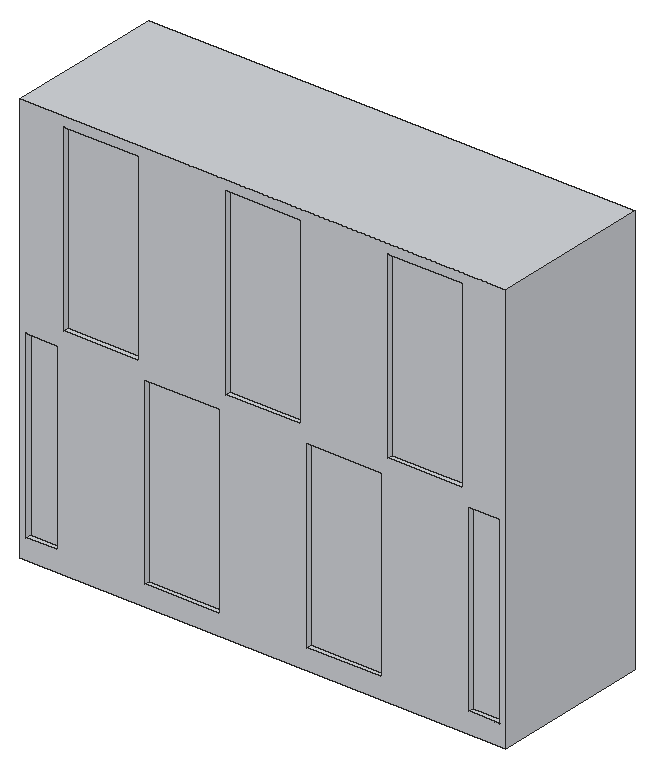
Revit family "SA 8H6W", category Mechanical Equipment, Revit 2019
Family settings
  Round Connector Dimension = Use Diameter
  Part Type = Normal
  OmniClass Number = 23.75.00.00
  OmniClass Title = Climate Control (HVAC)
  Work Plane-Based = No
  Always vertical = Yes
  Cut with Voids When Loaded = No
  Shared = No
  Room Calculation Point = No
Parameters (values of type "8H6W SA")
  Width = 5' - 4 1/2"
  Weight (lbs.) = "5,058"
  URL = "www.renewaire.com"
  Model = "8H6W SA"
  Manufacturer = "Renewaire LLC"
  Length = 16' - 3 3/8"
  Housing = none
  Height = 13' - 9 1/4"
  Description = "Energy Recovery Ventilator"
  Cores (L125-G5) = "48"
  Airflow Range (CFM) = "12,000 - 52,800"
  6W = yes
Reference planes (in)
  plane 1 "Center (Front/Back)": y = 0
  plane 2: z = 0
  plane 3 "Center (Left/Right)": x = 0
Forms (in)
  Extrusion 1, solid, material <- "Housing", visible <- "6W"
    sketch origin (0, 0, 0) x (0, 1, 0) y (0, 0, 1)
      loop
        line (32.26413, 165.25139) -> (-32.26413, 165.25139) -> (-32.26413, 0) -> (32.26413, 0) -> (32.26413, 165.25139)
    from 0 to 195.375
  Extrusion 2, void
    sketch origin (0, 0, 0) x (1, 0, 0) y (0, 0, 1)
      loop
        line (2.375, 81.78235) -> (2.375, 8.06435) -> (15.17072, 8.06435) -> (15.17072, 81.78235) -> (2.375, 81.78235)
      loop
        line (49.92926, 81.78235) -> (49.92926, 8.06435) -> (80.25787, 8.06435) -> (80.25787, 81.78235) -> (49.92926, 81.78235)
      loop
        line (47.75055, 161.50106) -> (17.42194, 161.50106) -> (17.42194, 87.78305) -> (47.75055, 87.78305) -> (47.75055, 161.50106)
    from 30 to 38.22316
  Extrusion 3, void
    sketch origin (0, 0, 0) x (1, 0, 0) y (0, 0, 1)
      loop
        line (82.55606, 161.50106) -> (82.55606, 87.78305) -> (95.33731, 87.78305) -> (95.33731, 161.50106) -> (82.55606, 161.50106)
    from 30 to 38.22316
  Extrusion 4, void
    sketch origin (0, 0, 0) x (1, 0, 0) y (0, 0, 1)
      loop
        line (82.55606, 161.50106) -> (82.55606, 87.78305) -> (112.88467, 87.78305) -> (112.88467, 161.50106) -> (82.55606, 161.50106)
    from 30 to 38.22316
  Extrusion 5, void
    sketch origin (0, 0, 0) x (1, 0, 0) y (0, 0, 1)
      loop
        line (115.06338, 81.78235) -> (115.06338, 8.06435) -> (127.85909, 8.06435) -> (127.85909, 81.78235) -> (115.06338, 81.78235)
    from 30 to 38.22316
  Extrusion 6, void
    sketch origin (0, 0, 0) x (1, 0, 0) y (0, 0, 1)
      loop
        line (115.06338, 81.78235) -> (115.06338, 8.06435) -> (145.39199, 8.06435) -> (145.39199, 81.78235) -> (115.06338, 81.78235)
    from 30 to 38.22316
  Extrusion 7, void
    sketch origin (0, 0, 0) x (1, 0, 0) y (0, 0, 1)
      loop
        line (147.69016, 161.50106) -> (147.69016, 87.78305) -> (178.01878, 87.78305) -> (178.01878, 161.50106) -> (147.69016, 161.50106)
    from 30 to 38.22316
  Extrusion 8, void
    sketch origin (0, 0, 0) x (1, 0, 0) y (0, 0, 1)
      loop
        line (180.19749, 81.78235) -> (180.19749, 8.06435) -> (192.99321, 8.06435) -> (192.99321, 81.78235) -> (180.19749, 81.78235)
    from 30 to 38.22316
  Extrusion 9, void
    sketch origin (0, 0, 0) x (1, 0, 0) y (0, 0, -1)
      loop
        line (2.375, -81.78235) -> (15.17072, -81.78235) -> (15.17072, -8.06435) -> (2.375, -8.06435) -> (2.375, -81.78235)
      loop
        line (49.92926, -81.78235) -> (80.25787, -81.78235) -> (80.25787, -8.06435) -> (49.92926, -8.06435) -> (49.92926, -81.78235)
      loop
        line (47.75055, -161.50106) -> (47.75055, -87.78305) -> (17.42194, -87.78305) -> (17.42194, -161.50106) -> (47.75055, -161.50106)
    from 30 to 38.22316
  Extrusion 10, void
    sketch origin (0, 0, 0) x (1, 0, 0) y (0, 0, -1)
      loop
        line (82.55606, -161.50106) -> (95.33731, -161.50106) -> (95.33731, -87.78305) -> (82.55606, -87.78305) -> (82.55606, -161.50106)
    from 30 to 38.22316
  Extrusion 11, void
    sketch origin (0, 0, 0) x (1, 0, 0) y (0, 0, -1)
      loop
        line (82.55606, -161.50106) -> (112.88467, -161.50106) -> (112.88467, -87.78305) -> (82.55606, -87.78305) -> (82.55606, -161.50106)
    from 30 to 38.22316
  Extrusion 12, void
    sketch origin (0, 0, 0) x (1, 0, 0) y (0, 0, -1)
      loop
        line (115.06338, -81.78235) -> (127.85909, -81.78235) -> (127.85909, -8.06435) -> (115.06338, -8.06435) -> (115.06338, -81.78235)
    from 30 to 38.22316
  Extrusion 13, void
    sketch origin (0, 0, 0) x (1, 0, 0) y (0, 0, -1)
      loop
        line (115.06338, -81.78235) -> (145.39199, -81.78235) -> (145.39199, -8.06435) -> (115.06338, -8.06435) -> (115.06338, -81.78235)
    from 30 to 38.22316
  Extrusion 14, void
    sketch origin (0, 0, 0) x (1, 0, 0) y (0, 0, -1)
      loop
        line (147.69016, -161.50106) -> (178.01878, -161.50106) -> (178.01878, -87.78305) -> (147.69016, -87.78305) -> (147.69016, -161.50106)
    from 30 to 38.22316
  Extrusion 15, void
    sketch origin (0, 0, 0) x (1, 0, 0) y (0, 0, -1)
      loop
        line (180.19749, -81.78235) -> (192.99321, -81.78235) -> (192.99321, -8.06435) -> (180.19749, -8.06435) -> (180.19749, -81.78235)
    from 30 to 38.22316
Cuts and joins
  Extrusion 2, Extrusion 3, Extrusion 4, Extrusion 5, Extrusion 6, Extrusion 7, Extrusion 8, Extrusion 9, Extrusion 10, Extrusion 11, Extrusion 12, Extrusion 13, Extrusion 14, Extrusion 15 cuts Extrusion 1
Dimensions and locks (in)
  aligned and locked: level to plane 2
